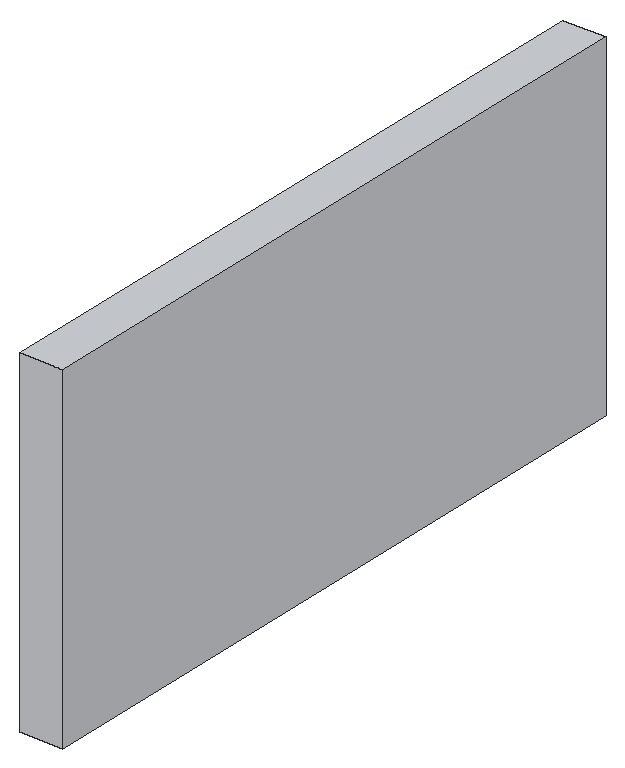
Revit family "Insulation R", category Generic Models, Revit 2016
Family settings
  Part Type = Normal
  Can host rebar = No
  Round Connector Dimension = Use Diameter
  Work Plane-Based = No
  Always vertical = Yes
  Cut with Voids When Loaded = No
  Shared = No
  Room Calculation Point = No
Parameters
  Width = 0' - 3"
  Height [instance] = 2' - 0"
  5/8" Gyp = none
  4' Width = 4' - 0"
Reference planes (in)
  plane 1 "Center (Front/Back)": y = 0
  plane 2: z = 0
  plane 3 "Center (Left/Right)": x = 0
Forms (in)
  Sweep 1, solid, material <- "5/8" Gyp"
    path origin (0, 0, 0) x (1, 0, 0) y (0, 1, 0)
      loop
        line (0, -24) -> (0, 24)
    profile origin (0, 0, 0) x (-1, 0, 0) y (0, 0, 1)
      loop
        line (0, 0) -> (3, 0) -> (3, 24) -> (0, 24) -> (0, 0)
Dimensions and locks (in)
  "4' Width": Sweep 1 sketch curve to Sweep 1 sketch curve
  "Width": Sweep 1 sketch curve to Sweep 1 sketch curve
  "Height": Sweep 1 sketch curve to Sweep 1 sketch curve
  aligned and locked: plane 2 to level
Automatic sketch dimensions
  Sweep 1 sketch curve to plane 3 "Center (Left/Right)" = 0' - 0"
  plane 1 "Center (Front/Back)" to Sweep 1 sketch curve = 2' - 0"
  Sweep 1 sketch curve to profile plane = 0' - 0"
  Sweep 1 sketch curve to level = 0' - 0"
